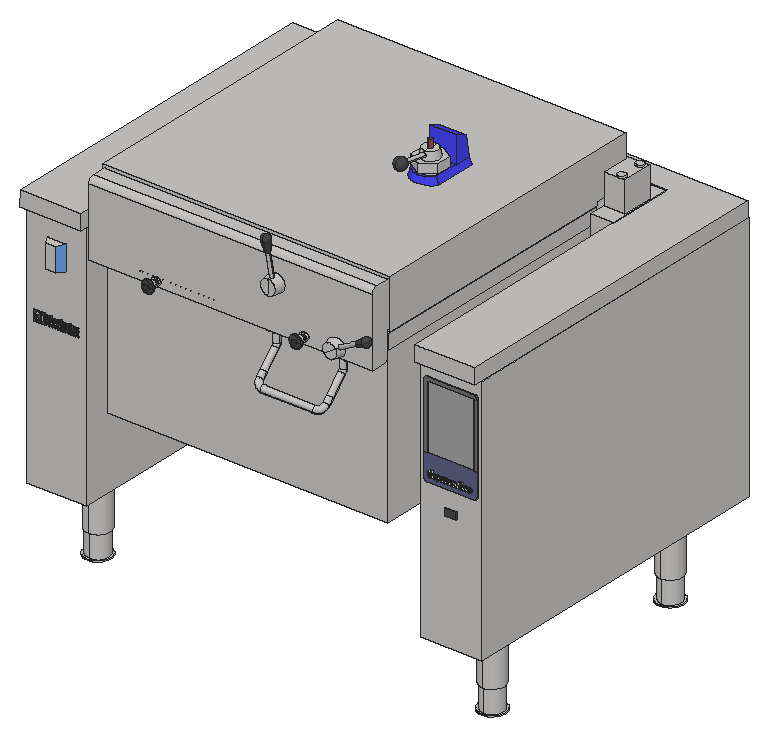
Revit family "QF_ELECTROLUXPROFESSIONAL_587140_PUET06ECIO", category Attrezzature speciali, Revit 2020
Family settings
  Quota connettore circolare = Usa diametro
  Tipo di parte = Normale
  Basato su piano di lavoro = No
  Sempre verticale = Sì
  Taglio con vuoti quando caricato = No
  Condiviso = No
  Punto di calcolo locali = No
Parameters (values of type "Standard")
  Weight = 230.00 kg
  Watts = 15500 W
  Volts = 440 V
  URL Manufacturer = "https://www.electroluxprofessional.com/"
  URL = "https://www.electroluxprofessional.com/"
  Steam Supply Size = 0 mm
  Steam Supply Minimum Pressure = 0.0 Pa
  Steam Supply Maximum Pressure = 0.0 Pa
  Steam Consumption per Hour = 0
  Refrigeration Suction Line Size = 0.0 mm
  Refrigeration Liquid Line Size = 0.0 mm
  Refrigerant Compressor Remote = yes
  Prospetto di default = 0.0 mm
  Produttore = "Electrolux Professional"
  Phase = 3
  Modello = "PUET06ECIO"
  Length Actual = 1200.0 mm  # constant formula
  Item Number = "587140"
  Hot Water Size = 12.7 mm
  Height Actual = 700.0 mm  # constant formula
  HP = "20.8 HP"
  Gas Size = 0 mm
  Gas KW = 0
  Gas Input Pressure = 0 W
  Direct Waste Size = 0 mm
  Descrizione = "ELECTRIC TILTING PRESSURE BRAISING PAN, 60LT,440V,FS,MARINE"
  Depth Actual = 900.0 mm  # constant formula
  Cycle = 50 Hz
  Condensate Return Size = 0 mm
  Compressed Air Volume = 0.0 L/s
  Compressed Air Size = 0 mm
  Compressed Air Pressure = 0.0 Pa
  Cold Water Size = 12.7 mm
  Accessory = yes
Reference planes
  plane 1 "Center (Front/Back)": y = 0
  plane 2: z = 0
  plane 3 "Center (Left/Right)": x = 0
  plane 4 "LEFT": x = -600
  plane 5 "RIGHT": x = 600
  plane 6 "BACK": y = 450
  plane 7 "FRONT": y = -450
  plane 8 "Base": z = 200
  plane 9 "TOP": z = 900
  plane 10: x = -440
  plane 11: x = 440
  plane 12 "Axe_PentolaY": y = -230
  plane 13 "AxePentolaZ": z = 730
  plane 14 "PLANE_TOP": z = 860
  plane 15: y = 380
  plane 16: z = 863
  plane 17: z = 455
  plane 18: z = 299
  plane 19: y = -470
  plane 20 "CentroPentolaY": y = -158
  plane 21 "TopCoperchio": z = 1128
  plane 22 "Versamento": z = 910
  plane 23 "V1": through (-107.18, -558, 4000) normal (-0.7071, -0.7071, 0)
  plane 24 "V2": through (107.18, -558, 4000) normal (-0.7071, 0.7071, 0)
  plane 25 "Gfront": y = -1300
  plane 26 "LEVEL": through (-245.562, -289.383, 4000) normal (0.866, 0.5, 0)
  plane 27 "GRight": x = 250
  plane 28 "GLeft": x = -250
  plane 29 "Gback": y = -100
  plane 30: z = 1789
  plane 31 "Ribaltamento": y = -540
  plane 32 "AxeL": x = -520
  plane 33 "AxeR": x = 520
  plane 34 "Pentola_Back": y = 226
  plane 35 "Pentola_L": x = -370.5
  plane 36 "Pentola_R": x = 370.5
  plane 37: x = -310.5
  plane 38 "axeC1": x = -380
  plane 39 "axeC2": x = 380
  plane 40: z = 395
  plane 41 "CylTop": x = 175
  plane 42 "Maniglione": z = 840
  plane 43 "B1": x = -195
  plane 44 "B2": x = 195
  plane 45 "2Buttons": z = 851.594
Forms (mm)
  Revolve 1, solid, material "QF_Finishes_Stainless Steel"
    sketch origin (0, 0, 730) x (-1, 0, 0) y (0, -1, 0)
      loop
        line (440, 230) -> (-440, 230) -> (-440, 140) -> (-430, 140) -> (-430, 173) -> (430, 173) -> (430, 140) -> (440, 140) -> (440, 230)
      axis (440, 230) -> (-440, 230)
    angle from 0 to 360
  Extrusion 2, solid, material "QF_Finishes_Stainless Steel"
    sketch origin (0, 0, 860) x (-1, 0, 0) y (0, -1, 0)
      loop
        line (600, 450) -> (440, 450) -> (440, -380) -> (-440, -380) -> (-440, 450) -> (-600, 450) -> (-600, -450) -> (600, -450) -> (600, 450)
    from 0 to 40
  Extrusion 3, solid, material "QF_Finishes_Stainless Steel"
    sketch origin (0, 0, 860) x (-1, 0, 0) y (0, -1, 0)
      loop
        line (440, -380) -> (-440, -380) -> (-440, -450) -> (440, -450) -> (440, -380)
    from 0 to -360
  Extrusion 4, solid, material "QF_Finishes_Stainless Steel"
    sketch origin (0, 0, 0) x (0, 1, 0) y (0, 0, 1)
      loop
        line (226, 863) -> (-450, 863) -> (-450, 455) -> (138, 455) -> (226, 643.717) -> (226, 863)
    from -370.5 to 370.5
  Extrusion 5, solid, material "QF_Finishes_Stainless Steel"
    sketch origin (0, 0, 0) x (0, 1, 0) y (0, 0, 1)
      loop
        line (232, 863) -> (232, 900) -> (-450, 900) -> (-450, 863) -> (232, 863)
    from -371 to 371
  Extrusion 6, solid, material "QF_Finishes_Stainless Steel"
    sketch origin (0, 0, 0) x (0, 1, 0) y (0, 0, 1)
      loop
        line (322, 1040) -> (-454, 1040) -> (-454, 910) -> (226, 910) -> (226, 920) -> (322, 920) -> (322, 1040)
    from -379 to 379
  Extrusion 7, solid, material "QF_Finishes_Stainless Steel"
    sketch origin (0, 0, 0) x (0, 1, 0) y (0, 0, 1)
      loop
        line (-454, 1033) -> (-491.635, 1033)
        arc (-491.635, 1033) -> (-502.242, 1028.607) -> (-506.635, 1018) r 15
        line (-506.635, 1018) -> (-506.635, 840) -> (-469, 840)
        arc (-469, 840) -> (-461.929, 842.929) -> (-459, 850) r 10
        line (-459, 850) -> (-459, 915) -> (-454, 915) -> (-454, 1033)
    from -374 to 374
  Extrusion 8, solid, material "QF_Finishes_Stainless Steel"
    sketch origin (0, 0, 0) x (0, 1, 0) y (0, 0, 1)
      loop
        line (380, 900) -> (205, 900) -> (205, 500) -> (380, 500) -> (380, 900)
    from -440 to -380
  Extrusion 9, solid, material "QF_Finishes_Stainless Steel"
    sketch origin (0, -450, 0) x (-1, 0, 0) y (0, 0, 1)
      loop
        line (437.337, 980) -> (379, 980) -> (379, 925) -> (382.237, 925) -> (382.237, 900) -> (437.337, 900) -> (437.337, 980)
    from 700 to 780
  Extrusion 10, solid, material "QF_Finishes_Stainless Steel"
    sketch origin (0, 0, 0) x (0, 1, 0) y (0, 0, -1)
      loop
        line (380, -900) -> (380, -500) -> (205, -500) -> (205, -900) -> (380, -900)
    from -440 to -380
  Extrusion 11, solid, material "QF_Finishes_Stainless Steel"
    sketch origin (0, -450, 0) x (1, 0, 0) y (0, 0, -1)
      loop
        line (435, -980) -> (435, -900) -> (382.237, -900) -> (382.237, -925) -> (379, -925) -> (379, -980) -> (435, -980)
    from 700 to 780
  Extrusion 12, solid, material "QF_Door-Drawer Clearances", detail levels coarse
    sketch origin (0, 53.912, -5.039) x (0, 1, 0) y (0, 0, 1)
      loop
        line (285.597, 942.365) -> (326.088, 958.724) -> (61.023, 1686.986) -> (56.324, 1685.276) -> (39.223, 1732.26) -> (-10.336, 1714.222) -> (-16.625, 1723.204) -> (44.811, 1766.222) -> (47.679, 1762.126) -> (68.307, 1773.56) -> (53.967, 1794.039) -> (36.168, 1778.566) -> (39.036, 1774.47) -> (-22.401, 1731.452) -> (-26.038, 1736.646) -> (-53.912, 1726.501) -> (-53.912, 1698.362) -> (-144.017, 1665.566)
        arc (-144.017, 1665.566) -> (-428.228, 1400.497) -> (-556.518, 1033.645) r 811.154
        arc (-556.518, 1033.645) -> (-551.652, 1036.897) -> (-545.912, 1038.039) r 15
        line (-545.912, 1038.039) -> (-507.912, 1038.039) -> (-507.912, 1045.039) -> (268.088, 1045.039) -> (268.088, 987.365) -> (285.597, 987.365) -> (285.597, 942.365)
      loop
        line (-503.912, 515.039) -> (-503.912, 845.039) -> (-576.071, 845.039)
        arc (-576.071, 845.039) -> (-586.466, 669.876) -> (-503.912, 515.039) r 323.607
    from 105 to -105
  Extrusion 13, solid, material "QF_Finishes_Stainless Steel"
    sketch origin (0, 0, 900) x (0, 1, 0) y (-1, 0, 0)
      loop
        circle (320, 418.441) r 10
      loop
        circle (260, 418.441) r 10
      loop
        circle (320, -418.441) r 10
      loop
        circle (260, -418.441) r 10
    from 82.326 to 80
  Revolve 14, solid, material "QF_Plastic-Black-Matte"
    sketch origin (0, 0, 851.594) x (-1, 0, 0) y (0, -1, 0)
      loop
        line (203.234, 529.683) -> (210.348, 533.79)
        arc (210.348, 533.79) -> (211.528, 535.834) -> (210.348, 537.878) r 2.36
        line (210.348, 537.878) -> (203.234, 540) -> (195, 540) -> (195, 529.683) -> (203.234, 529.683)
      axis (195, 529.683) -> (195, 540)
    angle from 0 to 360
  Revolve 15, solid, material "QF_Finishes_Stainless Steel"
    sketch origin (0, 0, 851.594) x (-1, 0, 0) y (0, -1, 0)
      loop
        line (195, 506.635) -> (205.299, 506.635) -> (205.299, 511.677) -> (200.299, 511.677) -> (200.299, 519.683) -> (203.234, 519.683) -> (203.234, 529.683) -> (195, 529.683) -> (195, 506.635)
      axis (195, 506.635) -> (195, 529.683)
    angle from 0 to 360
  Revolve 16, solid, material "QF_Plastic-Black-Matte"
    sketch origin (390, 0, 858.402) x (-1, 0, 0) y (0, -1, 0)
      loop
        line (203.234, 529.683) -> (210.348, 533.79)
        arc (210.348, 533.79) -> (211.528, 535.834) -> (210.348, 537.878) r 2.36
        line (210.348, 537.878) -> (203.234, 540) -> (195, 540) -> (195, 529.683) -> (203.234, 529.683)
      axis (195, 529.683) -> (195, 540)
    angle from 0 to 360
  Revolve 17, solid, material "QF_Finishes_Stainless Steel"
    sketch origin (390, 0, 858.402) x (-1, 0, 0) y (0, -1, 0)
      loop
        line (195, 506.635) -> (205.299, 506.635) -> (205.299, 511.677) -> (200.299, 511.677) -> (200.299, 519.683) -> (203.234, 519.683) -> (203.234, 529.683) -> (195, 529.683) -> (195, 506.635)
      axis (195, 506.635) -> (195, 529.683)
    angle from 0 to 360
Lines and regions (mm)
  symbolic lines
    curve 1: line (600, 450, 900) -> (-600, 450, 900)
    curve 2: line (600, -450, 900) -> (600, 450, 900)
    curve 3: line (-600, 450, 900) -> (-600, -450, 900)
    curve 4: line (-600, -450, 900) -> (-440, -450, 900)
    curve 5: line (-440, -450, 900) -> (-440, 380, 900)
    curve 6: line (440, -450, 900) -> (600, -450, 900)
    curve 7: line (430, -140, 900) -> (430, -320, 900)
    curve 8: line (-430, -140, 900) -> (-430, -320, 900)
    curve 9: line (-430, -140, 900) -> (-440, -140, 900)
    curve 10: line (-430, -320, 900) -> (-440, -320, 900)
    curve 11: line (430, -140, 900) -> (440, -140, 900)
    curve 12: line (430, -320, 900) -> (440, -320, 900)
    curve 17: line (-430, -172.761, 900) -> (-375.169, -172.761, 900)
    curve 18: line (-430, -286.868, 900) -> (-376.5, -286.868, 900)
    curve 19: line (430, -172.761, 900) -> (376.5, -172.761, 900)
    curve 20: line (430, -286.868, 900) -> (376.5, -286.868, 900)
    curve 39: line (600, 380, 900) -> (-600, 380, 900)
    curve 40: line (440, 270, 900) -> (440, -450, 900)
    curve 41: line (-379, -454, 900) -> (379, -454, 900)
    curve 42: line (-379, 322, 900) -> (-379, -454, 900)
    curve 43: line (379, 322, 900) -> (-379, 322, 900)
    curve 44: line (379, -454, 900) -> (379, 322, 900)
    curve 45: line (-379, 322, 900) -> (-379, 330, 900)
    curve 46: line (-379, 330, 900) -> (-437.337, 330, 900)
    curve 47: line (-437.337, 330, 900) -> (-437.337, 250, 900)
    curve 48: line (-437.337, 250, 900) -> (-379, 250, 900)
    curve 49: line (-440, 205, 900) -> (-379, 205, 900)
    curve 50: circle (-418.441, 320, 900) r 10 normal (0, 0, 1)
    curve 51: circle (-418.441, 260, 900) r 10 normal (0, 0, 1)
    curve 52: line (379, 322, 900) -> (379, 330, 900)
    curve 53: line (379, 330, 900) -> (435, 330, 900)
    curve 54: line (435, 330, 900) -> (435, 250, 900)
    curve 55: line (435, 250, 900) -> (379, 250, 900)
    curve 56: line (440, 205, 900) -> (379, 205, 900)
    curve 57: circle (418.441, 320, 900) r 10 normal (0, 0, 1)
    curve 58: circle (418.441, 260, 900) r 10 normal (0, 0, 1)
    curve 59: line (-205.299, -506.635, 900) -> (-205.299, -511.677, 900)
    curve 60: line (-205.299, -511.677, 900) -> (-184.701, -511.677, 900)
    curve 61: line (-184.701, -511.677, 900) -> (-184.701, -506.635, 900)
    curve 62: line (-200.299, -519.683, 900) -> (-200.299, -511.677, 900)
    curve 63: line (-189.701, -519.683, 900) -> (-189.701, -511.677, 900)
    curve 64: line (-203.234, -519.683, 900) -> (-186.766, -519.683, 900)
    curve 65: line (-186.766, -519.683, 900) -> (-186.766, -529.683, 900)
    curve 66: line (-186.766, -529.683, 900) -> (-203.234, -529.683, 900)
    curve 67: line (-203.234, -529.683, 900) -> (-203.234, -519.683, 900)
    curve 68: line (-186.766, -529.683, 900) -> (-179.646, -533.794, 900)
    curve 69: line (-203.234, -540, 900) -> (-186.766, -540, 900)
    curve 70: line (-186.766, -540, 900) -> (-179.652, -537.878, 900)
    curve 71: line (-203.234, -540, 900) -> (-210.348, -537.878, 900)
    curve 72: arc (-179.652, -537.878, 900) -> (-178.468, -535.838, 900) -> (-179.646, -533.794, 900) r 2.356
    curve 73: line (-203.234, -529.683, 900) -> (-210.354, -533.794, 900)
    curve 74: arc (-210.348, -537.878, 900) -> (-211.532, -535.838, 900) -> (-210.354, -533.794, 900) r 2.356
    curve 75: line (184.701, -506.635, 900) -> (184.701, -511.677, 900)
    curve 76: line (184.701, -511.677, 900) -> (205.299, -511.677, 900)
    curve 77: line (205.299, -511.677, 900) -> (205.299, -506.635, 900)
    curve 78: line (189.701, -519.683, 900) -> (189.701, -511.677, 900)
    curve 79: line (200.299, -519.683, 900) -> (200.299, -511.677, 900)
    curve 80: line (186.766, -519.683, 900) -> (203.234, -519.683, 900)
    curve 81: line (203.234, -519.683, 900) -> (203.234, -529.683, 900)
    curve 82: line (203.234, -529.683, 900) -> (186.766, -529.683, 900)
    curve 83: line (186.766, -529.683, 900) -> (186.766, -519.683, 900)
    curve 84: line (203.234, -529.683, 900) -> (210.354, -533.794, 900)
    curve 85: line (186.766, -540, 900) -> (203.234, -540, 900)
    curve 86: line (203.234, -540, 900) -> (210.348, -537.878, 900)
    curve 87: line (186.766, -540, 900) -> (179.652, -537.878, 900)
    curve 88: arc (210.348, -537.878, 900) -> (211.532, -535.838, 900) -> (210.354, -533.794, 900) r 2.356
    curve 89: line (186.766, -529.683, 900) -> (179.646, -533.794, 900)
    curve 90: arc (179.652, -537.878, 900) -> (178.468, -535.838, 900) -> (179.646, -533.794, 900) r 2.356
    curve 92: line (-379, -454, 900) -> (-379, -506.635, 900)
    curve 93: line (-379, -506.635, 900) -> (374, -506.635, 900)
    curve 94: line (374, -506.635, 900) -> (374, -454, 900)
  symbolic lines, style "SpecialityEquipmentHiddenLines"
    curve 13: line (-250, -1300, 900) -> (250, -1300, 900)
    curve 14: line (-250, -100, 900) -> (-250, -1300, 900)
    curve 15: line (250, -1300, 900) -> (250, -100, 900)
    curve 37: line (0, -1165.484, 900) -> (0, -1135.484, 900)
    curve 38: line (-15, -1150.484, 900) -> (15, -1150.484, 900)
    curve 91: line (-250, -100, 900) -> (250, -100, 900)
  symbolic lines, style "SpecialityEquipment"
    curve 16: circle (0, -1150.484, 900) r 15 normal (0, 0, 1)
    curve 21: line (210, -1300, 900) -> (210, -1100, 900)
    curve 22: line (170, -1300, 900) -> (170, -1140, 900)
    curve 23: line (130, -1300, 900) -> (130, -1180, 900)
    curve 24: line (90, -1300, 900) -> (90, -1220, 900)
    curve 25: line (90, -1260, 900) -> (250, -1260, 900)
    curve 26: line (130, -1220, 900) -> (250, -1220, 900)
    curve 27: line (170, -1180, 900) -> (250, -1180, 900)
    curve 28: line (210, -1140, 900) -> (250, -1140, 900)
    curve 29: line (-210, -1300, 900) -> (-210, -1100, 900)
    curve 30: line (-170, -1300, 900) -> (-170, -1140, 900)
    curve 31: line (-130, -1300, 900) -> (-130, -1180, 900)
    curve 32: line (-90, -1300, 900) -> (-90, -1220, 900)
    curve 33: line (-90, -1260, 900) -> (-250, -1260, 900)
    curve 34: line (-130, -1220, 900) -> (-250, -1220, 900)
    curve 35: line (-170, -1180, 900) -> (-250, -1180, 900)
    curve 36: line (-210, -1140, 900) -> (-250, -1140, 900)
Dimensions and locks
  plane 4 "LEFT" to plane 5 "RIGHT" = 1200.0 mm
  equal spacing: plane 4 "LEFT", plane 3 "Center (Left/Right)", plane 5 "RIGHT"
  equal spacing: plane 6 "BACK", plane 1 "Center (Front/Back)", plane 7 "FRONT"
  plane 6 "BACK" to plane 7 "FRONT" = 900.0 mm
  plane 8 "Base" to level = 200.0 mm
  plane 9 "TOP" to level = 900.0 mm
  plane 9 "TOP" to plane 8 "Base" = 700.0 mm
  locked: plane 4 "LEFT" to plane 10 at 160
  locked: plane 11 to plane 5 "RIGHT" at 160
  locked: plane 6 "BACK" to plane 12 "Axe_PentolaY" at 680
  locked: plane 13 "AxePentolaZ" to plane 8 "Base" at 530
  locked: Revolve 1 sketch curve to Revolve 1 sketch curve at 57
  locked: Revolve 1 sketch curve to Revolve 1 sketch curve at 90
  locked: plane 10 to Revolve 1 sketch curve at 10
  locked: Revolve 1 sketch curve to plane 11 at 10
  locked: plane 9 "TOP" to plane 14 "PLANE_TOP" at 40
  plane 6 "BACK" to plane 15 = 70.0 mm
  locked: plane 16 to plane 13 "AxePentolaZ" at 133
  plane 6 "BACK" to plane 19 = 920.0 mm
  locked: plane 6 "BACK" to plane 20 "CentroPentolaY" at 608
  locked: plane 21 "TopCoperchio" to plane 9 "TOP" at 228
  locked: plane 22 "Versamento" to level at 910
  plane 6 "BACK" to plane 25 "Gfront" = 1750.0 mm
  locked: plane 28 "GLeft" to plane 3 "Center (Left/Right)" at 250
  locked: plane 3 "Center (Left/Right)" to plane 27 "GRight" at 250
  plane 6 "BACK" to plane 29 "Gback" = 550.0 mm
  plane 30 to plane 9 "TOP" = 889.0 mm
  plane 6 "BACK" to plane 31 "Ribaltamento" = 990.0 mm
  equal spacing: plane 10, plane 32 "AxeL", plane 4 "LEFT"
  equal spacing: plane 5 "RIGHT", plane 33 "AxeR", plane 11
  locked: plane 36 "Pentola_R" to plane 35 "Pentola_L" at 741
  equal spacing: plane 36 "Pentola_R", plane 3 "Center (Left/Right)", plane 35 "Pentola_L"
  locked: Extrusion 5 sketch curve to plane 34 "Pentola_Back" at 6
  plane 34 "Pentola_Back" to plane 12 "Axe_PentolaY" = 456.0 mm
  locked: plane 37 to plane 35 "Pentola_L" at 60
  plane 4 "LEFT" to plane 38 "axeC1" = 220.0 mm
  plane 39 "axeC2" to plane 5 "RIGHT" = 220.0 mm
  plane 35 "Pentola_L" to Extrusion 6 = 8.5 mm
  Extrusion 6 to plane 36 "Pentola_R" = 8.5 mm
  locked: plane 13 "AxePentolaZ" to plane 17 at 275
  plane 18 to level = 299.0 mm
  plane 17 to level = 455.0 mm
  plane 40 to level = 395.0 mm
  plane 3 "Center (Left/Right)" to plane 43 "B1" = 195.0 mm
  plane 44 "B2" to plane 3 "Center (Left/Right)" = 195.0 mm
  aligned and locked: level to plane 2
  aligned and locked: plane 5 "RIGHT" to nested 2
  aligned and locked: plane 4 "LEFT" to nested 1
  aligned and locked: plane 8 "Base" to nested 1
  aligned and locked: plane 6 "BACK" to nested 2
  aligned and locked: plane 10 to Revolve 1 sketch curve
  aligned and locked: plane 11 to Revolve 1 sketch curve
  aligned and locked: plane 4 "LEFT" to Extrusion 2 sketch curve
  aligned and locked: Extrusion 2 sketch curve to plane 10
  aligned and locked: plane 7 "FRONT" to Extrusion 2 sketch curve  (x2)
  aligned and locked: Extrusion 2 sketch curve to plane 5 "RIGHT"
  aligned and locked: plane 11 to Extrusion 2 sketch curve
  aligned and locked: Extrusion 2 sketch curve to plane 6 "BACK"
  aligned and locked: plane 15 to Extrusion 2 sketch curve
  aligned and locked: Extrusion 3 sketch curve to plane 10
  aligned and locked: plane 6 "BACK" to Extrusion 3 sketch curve
  aligned and locked: plane 11 to Extrusion 3 sketch curve
  aligned and locked: Extrusion 3 sketch curve to plane 15
  aligned and locked: curve 13 to plane 25 "Gfront"
  aligned and locked: curve 14 to plane 28 "GLeft"
  aligned and locked: plane 27 "GRight" to curve 15
  aligned and locked: plane 33 "AxeR" to nested 3
  aligned and locked: plane 17 to Extrusion 4 sketch curve
  aligned and locked: Extrusion 5 sketch curve to plane 16
  aligned and locked: plane 9 "TOP" to Extrusion 5 sketch curve
  aligned and locked: Extrusion 4 to plane 35 "Pentola_L"
  aligned and locked: plane 36 "Pentola_R" to Extrusion 4
  aligned and locked: plane 32 "AxeL" to nested 5
Automatic sketch dimensions
  plane 12 "Axe_PentolaY" to Revolve 1 sketch curve = 0.0 mm
  Revolve 1 sketch curve to plane 12 "Axe_PentolaY" = 0.0 mm
  plane 20 "CentroPentolaY" to Revolve 1 sketch curve = 18.0 mm
  plane 5 "RIGHT" to Revolve 1 sketch curve = 432.098 mm
  Revolve 1 sketch curve to plane 4 "LEFT" = 580.148 mm
  Extrusion 4 sketch curve to plane 7 "FRONT" = 0.0 mm
  Extrusion 4 sketch curve to plane 34 "Pentola_Back" = 0.0 mm
  Extrusion 4 sketch curve to plane 16 = 0.0 mm
  Extrusion 4 sketch curve to plane 34 "Pentola_Back" = 88.0 mm
  Extrusion 4 sketch curve to plane 13 "AxePentolaZ" = 86.283 mm
  Extrusion 5 sketch curve to plane 7 "FRONT" = 0.0 mm
  Extrusion 6 sketch curve to plane 22 "Versamento" = 0.0 mm
  Extrusion 6 sketch curve to plane 34 "Pentola_Back" = 0.0 mm
  Extrusion 6 sketch curve to plane 7 "FRONT" = 4.0 mm
  Extrusion 6 sketch curve to plane 15 = 58.0 mm
  plane 22 "Versamento" to Extrusion 6 sketch curve = 10.0 mm
  Extrusion 6 sketch curve to plane 21 "TopCoperchio" = 88.0 mm
  Extrusion 7 sketch curve to plane 42 "Maniglione" = 0.0 mm
  plane 31 "Ribaltamento" to Extrusion 7 sketch curve = 33.365 mm
  Extrusion 7 sketch curve to Extrusion 7 sketch curve = 15.0 mm
  plane 19 to Extrusion 7 sketch curve = 1.0 mm
  Extrusion 7 sketch curve to plane 7 "FRONT" = 9.0 mm
  Extrusion 7 sketch curve to plane 7 "FRONT" = 4.0 mm
  plane 22 "Versamento" to Extrusion 7 sketch curve = 5.0 mm
  plane 22 "Versamento" to Extrusion 7 sketch curve = 108.0 mm
  Extrusion 8 sketch curve to plane 9 "TOP" = 0.0 mm
  Extrusion 8 sketch curve to plane 15 = 0.0 mm
  Extrusion 8 sketch curve to plane 34 "Pentola_Back" = 21.0 mm
  plane 17 to Extrusion 8 sketch curve = 45.0 mm
  Extrusion 9 sketch curve to plane 9 "TOP" = 0.0 mm
  plane 38 "axeC1" to Extrusion 9 sketch curve = 1.0 mm
  Extrusion 9 sketch curve to plane 38 "axeC1" = 2.237 mm
  plane 10 to Extrusion 9 sketch curve = 2.663 mm
  plane 22 "Versamento" to Extrusion 9 sketch curve = 15.0 mm
  plane 22 "Versamento" to Extrusion 9 sketch curve = 70.0 mm
  Extrusion 10 sketch curve to plane 9 "TOP" = 0.0 mm
  Extrusion 10 sketch curve to plane 15 = 0.0 mm
  Extrusion 10 sketch curve to plane 34 "Pentola_Back" = 21.0 mm
  plane 17 to Extrusion 10 sketch curve = 45.0 mm
  Extrusion 11 sketch curve to plane 9 "TOP" = 0.0 mm
  plane 39 "axeC2" to Extrusion 11 sketch curve = 1.0 mm
  Extrusion 11 sketch curve to plane 39 "axeC2" = 2.237 mm
  plane 11 to Extrusion 11 sketch curve = 5.0 mm
  Extrusion 11 sketch curve to plane 22 "Versamento" = 15.0 mm
  Extrusion 11 sketch curve to plane 22 "Versamento" = 70.0 mm
  plane 34 "Pentola_Back" to Extrusion 13 sketch curve = 34.0 mm  (x2)
  Extrusion 13 sketch curve to plane 11 = 21.559 mm  (x2)
  Extrusion 13 sketch curve to plane 15 = 60.0 mm  (x2)
  plane 10 to Extrusion 13 sketch curve = 21.559 mm  (x2)
  Revolve 14 sketch curve to plane 43 "B1" = 0.0 mm  (x2)
  Revolve 14 sketch curve to plane 31 "Ribaltamento" = 0.0 mm
  plane 43 "B1" to Revolve 14 sketch curve = 8.234 mm  (x2)
  Revolve 14 sketch curve to Revolve 14 sketch curve = 5.934 mm
  plane 31 "Ribaltamento" to Revolve 14 sketch curve = 2.122 mm
  Revolve 14 sketch curve to Revolve 14 sketch curve = 1.18 mm  (x2)
  plane 31 "Ribaltamento" to Revolve 14 sketch curve = 6.21 mm
  Revolve 14 sketch curve to Revolve 14 sketch curve = 10.317 mm
  plane 19 to Revolve 14 sketch curve = 8.375 mm
  Revolve 14 sketch curve to plane 31 "Ribaltamento" = 31.625 mm
  Revolve 15 sketch curve to plane 43 "B1" = 0.0 mm  (x2)
  plane 43 "B1" to Revolve 15 sketch curve = 5.299 mm
  Revolve 15 sketch curve to Revolve 15 sketch curve = 2.935 mm
  Revolve 15 sketch curve to Revolve 15 sketch curve = 5.0 mm
  plane 31 "Ribaltamento" to Revolve 15 sketch curve = 33.365 mm
  Revolve 15 sketch curve to Revolve 15 sketch curve = 5.042 mm
  Revolve 15 sketch curve to Revolve 15 sketch curve = 8.006 mm
  Revolve 15 sketch curve to Revolve 15 sketch curve = 10.0 mm
  Revolve 15 sketch curve to Revolve 15 sketch curve = 12.948 mm
  Revolve 15 sketch curve to plane 31 "Ribaltamento" = 16.844 mm
  Revolve 16 sketch curve to plane 44 "B2" = 0.0 mm  (x2)
  Revolve 16 sketch curve to plane 31 "Ribaltamento" = 0.0 mm
  Revolve 16 sketch curve to plane 44 "B2" = 8.234 mm  (x2)
  plane 41 "CylTop" to Revolve 16 sketch curve = 5.833 mm
  plane 31 "Ribaltamento" to Revolve 16 sketch curve = 2.122 mm
  Revolve 16 sketch curve to Revolve 16 sketch curve = 1.18 mm  (x2)
  Revolve 16 sketch curve to Revolve 16 sketch curve = 2.044 mm
  Revolve 16 sketch curve to Revolve 16 sketch curve = 10.317 mm
  plane 19 to Revolve 16 sketch curve = 8.375 mm
  Revolve 16 sketch curve to plane 31 "Ribaltamento" = 31.625 mm
  Revolve 17 sketch curve to plane 44 "B2" = 0.0 mm  (x2)
  Revolve 17 sketch curve to plane 44 "B2" = 5.299 mm
  Revolve 17 sketch curve to Revolve 17 sketch curve = 2.935 mm
  Revolve 17 sketch curve to Revolve 17 sketch curve = 5.0 mm
  plane 31 "Ribaltamento" to Revolve 17 sketch curve = 33.365 mm
  Revolve 17 sketch curve to Revolve 17 sketch curve = 5.042 mm
  Revolve 17 sketch curve to Revolve 17 sketch curve = 8.006 mm
  Revolve 17 sketch curve to Revolve 17 sketch curve = 10.0 mm
  Revolve 17 sketch curve to Revolve 17 sketch curve = 12.948 mm
  Revolve 17 sketch curve to plane 31 "Ribaltamento" = 16.844 mm
  Extrusion 12 sketch curve to plane 42 "Maniglione" = 0.0 mm
  Extrusion 12 sketch curve to plane 7 "FRONT" = 0.0 mm
  Extrusion 12 sketch curve to plane 1 "Center (Front/Back)" = 0.0 mm
  Extrusion 12 sketch curve to plane 30 = 0.0 mm
  Extrusion 12 sketch curve to plane 15 = 0.0 mm
  Extrusion 12 sketch curve to plane 7 "FRONT" = 4.0 mm
  Extrusion 12 sketch curve to plane 19 = 22.0 mm
  plane 31 "Ribaltamento" to Extrusion 12 sketch curve = 17.841 mm
  plane 13 "AxePentolaZ" to Extrusion 12 sketch curve = 3.966 mm
  plane 12 "Axe_PentolaY" to Extrusion 12 sketch curve = 13.583 mm
  plane 29 "Gback" to Extrusion 12 sketch curve = 9.895 mm
  Extrusion 12 sketch curve to plane 1 "Center (Front/Back)" = 27.874 mm
  Extrusion 12 sketch curve to plane 30 = 15.473 mm
  Extrusion 12 sketch curve to Extrusion 12 sketch curve = 62.206 mm
  Extrusion 12 sketch curve to Extrusion 12 sketch curve = 2.868 mm  (x2)
  Extrusion 12 sketch curve to plane 30 = 61.778 mm
  Extrusion 12 sketch curve to Extrusion 12 sketch curve = 0.188 mm
  Extrusion 12 sketch curve to Extrusion 12 sketch curve = 8.644 mm
  Extrusion 12 sketch curve to Extrusion 12 sketch curve = 17.799 mm
  Extrusion 12 sketch curve to plane 30 = 108.763 mm
  Extrusion 12 sketch curve to Extrusion 12 sketch curve = 17.101 mm
  Extrusion 12 sketch curve to Extrusion 12 sketch curve = 4.698 mm
  Extrusion 12 sketch curve to plane 30 = 20.479 mm
  Extrusion 12 sketch curve to Extrusion 12 sketch curve = 20.627 mm
  Extrusion 12 sketch curve to plane 15 = 75.072 mm
  Extrusion 12 sketch curve to Extrusion 12 sketch curve = 17.072 mm
  Extrusion 12 sketch curve to Extrusion 12 sketch curve = 17.509 mm
  plane 22 "Versamento" to Extrusion 12 sketch curve = 27.326 mm
  Extrusion 12 sketch curve to Extrusion 12 sketch curve = 14.739 mm
  Extrusion 12 sketch curve to Extrusion 12 sketch curve = 30.261 mm
  plane 22 "Versamento" to Extrusion 12 sketch curve = 108.0 mm
  Extrusion 12 sketch curve to Extrusion 12 sketch curve = 15.0 mm
  Extrusion 12 sketch curve to Extrusion 12 sketch curve = 7.0 mm
  Extrusion 12 sketch curve to Extrusion 12 sketch curve = 28.139 mm
  Extrusion 12 sketch curve to Extrusion 12 sketch curve = 10.145 mm
  Extrusion 12 sketch curve to Extrusion 12 sketch curve = 5.776 mm
  Extrusion 12 sketch curve to Extrusion 12 sketch curve = 8.248 mm
  Extrusion 12 sketch curve to Extrusion 12 sketch curve = 3.637 mm
  Extrusion 12 sketch curve to Extrusion 12 sketch curve = 12.344 mm
  level to Extrusion 12 sketch curve = 1709.183 mm
  Extrusion 12 sketch curve to Extrusion 12 sketch curve = 32.796 mm
  curve 37 to plane 3 "Center (Left/Right)" = 0.0 mm
  curve 16 to plane 3 "Center (Left/Right)" = 0.0 mm
  curve 69 to plane 31 "Ribaltamento" = 0.0 mm
  curve 86 to plane 31 "Ribaltamento" = 0.0 mm
  curve 2 to plane 5 "RIGHT" = 0.0 mm
  curve 2 to plane 7 "FRONT" = 0.0 mm
  curve 3 to plane 4 "LEFT" = 0.0 mm
  curve 3 to plane 7 "FRONT" = 0.0 mm
  curve 10 to plane 10 = 0.0 mm
  curve 12 to plane 11 = 0.0 mm
  curve 15 to plane 29 "Gback" = 0.0 mm
  curve 39 to plane 15 = 0.0 mm
  curve 2 to plane 6 "BACK" = 0.0 mm
  plane 25 "Gfront" to curve 16 = 149.516 mm
  plane 31 "Ribaltamento" to curve 70 = 2.122 mm
  plane 31 "Ribaltamento" to curve 86 = 2.122 mm
  plane 31 "Ribaltamento" to curve 71 = 2.122 mm
  plane 31 "Ribaltamento" to curve 87 = 2.122 mm
  curve 86 to curve 88 = 2.044 mm
  curve 71 to curve 74 = 2.044 mm
  curve 70 to curve 72 = 2.044 mm
  curve 90 to curve 90 = 2.044 mm
  plane 41 "CylTop" to curve 89 = 4.646 mm
  curve 90 to curve 89 = 2.04 mm
  curve 88 to curve 84 = 2.04 mm
  curve 74 to curve 73 = 2.04 mm
  curve 72 to curve 68 = 2.04 mm
  curve 68 to curve 65 = 4.111 mm
  curve 84 to curve 81 = 4.111 mm
  curve 82 to curve 80 = 10.0 mm
  curve 66 to curve 67 = 10.0 mm
  curve 64 to curve 59 = 8.006 mm
  curve 80 to curve 77 = 8.006 mm
  plane 38 "axeC1" to curve 93 = 1.0 mm
  plane 31 "Ribaltamento" to curve 93 = 33.365 mm
  curve 7 to plane 11 = 10.0 mm
  curve 7 to plane 12 "Axe_PentolaY" = 90.0 mm
  plane 10 to curve 8 = 10.0 mm
  curve 8 to plane 12 "Axe_PentolaY" = 90.0 mm
  plane 20 "CentroPentolaY" to curve 8 = 18.0 mm
  plane 20 "CentroPentolaY" to curve 11 = 18.0 mm
  curve 54 to plane 11 = 5.0 mm
  plane 34 "Pentola_Back" to curve 54 = 24.0 mm
  plane 10 to curve 48 = 2.663 mm
  plane 34 "Pentola_Back" to curve 48 = 24.0 mm
  curve 47 to curve 51 = 10.0 mm
  curve 54 to curve 58 = 10.0 mm
  curve 57 to plane 11 = 21.559 mm
  curve 57 to plane 15 = 60.0 mm
  plane 10 to curve 50 = 21.559 mm
  curve 50 to plane 15 = 60.0 mm
  curve 52 to plane 39 "axeC2" = 1.0 mm
  curve 57 to curve 52 = 2.0 mm
  curve 42 to curve 46 = 8.0 mm
  curve 43 to curve 52 = 8.0 mm
  curve 54 to curve 58 = 16.559 mm
  plane 44 "B2" to curve 84 = 15.354 mm
  curve 84 to curve 86 = 0.007 mm
  plane 44 "B2" to curve 76 = 10.299 mm
  curve 84 to curve 82 = 7.12 mm
  curve 88 to curve 85 = 5.943 mm
  curve 87 to plane 44 "B2" = 8.234 mm
  curve 89 to curve 89 = 7.12 mm
  curve 80 to curve 76 = 2.065 mm
  curve 90 to curve 89 = 1.178 mm
  curve 68 to plane 43 "B1" = 15.354 mm
  curve 68 to curve 70 = 0.007 mm
  curve 60 to plane 43 "B1" = 10.299 mm
  curve 72 to curve 69 = 5.943 mm
  curve 68 to curve 66 = 7.12 mm
  plane 43 "B1" to curve 64 = 8.234 mm
  plane 43 "B1" to curve 69 = 8.234 mm
  curve 64 to curve 60 = 2.065 mm
  curve 69 to curve 74 = 5.943 mm
  curve 74 to curve 71 = 1.171 mm
  curve 51 to curve 47 = 18.896 mm
  curve 13 to curve 25 = 40.0 mm
  curve 13 to curve 33 = 40.0 mm
  curve 33 to curve 34 = 40.0 mm
  curve 25 to curve 24 = 40.0 mm
  curve 34 to curve 32 = 0.0 mm
  curve 24 to curve 26 = 0.0 mm
  curve 26 to curve 27 = 40.0 mm
  curve 34 to curve 35 = 40.0 mm
  curve 23 to curve 27 = 0.0 mm
  curve 35 to curve 31 = 0.0 mm
  curve 37 to curve 16 = 15.0 mm
  curve 16 to curve 38 = 0.0 mm
  plane 44 "B2" to curve 28 = 15.0 mm
  curve 27 to curve 28 = 40.0 mm
  curve 35 to curve 36 = 40.0 mm
  curve 36 to curve 30 = 0.0 mm
  curve 22 to plane 41 "CylTop" = 5.0 mm
  curve 27 to curve 22 = 40.0 mm
  plane 43 "B1" to curve 29 = 15.0 mm
  curve 36 to curve 29 = 40.0 mm
  curve 28 to curve 21 = 40.0 mm
  curve 94 to plane 7 "FRONT" = 4.0 mm
  curve 20 to plane 39 "axeC2" = 3.5 mm
  curve 20 to plane 12 "Axe_PentolaY" = 56.868 mm
  curve 8 to curve 18 = 33.132 mm
  curve 17 to plane 20 "CentroPentolaY" = 14.761 mm
  curve 19 to plane 39 "axeC2" = 3.5 mm
  curve 19 to plane 20 "CentroPentolaY" = 14.761 mm
  curve 56 to plane 34 "Pentola_Back" = 21.0 mm
  curve 49 to plane 34 "Pentola_Back" = 21.0 mm
  curve 54 to curve 40 = 20.0 mm
  plane 36 "Pentola_R" to curve 94 = 3.5 mm
  curve 76 to curve 79 = 5.0 mm
  curve 78 to curve 75 = 5.0 mm
  curve 27 to curve 23 = 40.0 mm
  curve 23 to curve 24 = 40.0 mm
  curve 33 to plane 3 "Center (Left/Right)" = 90.0 mm
  curve 32 to curve 31 = 40.0 mm
  curve 30 to plane 43 "B1" = 25.0 mm
  curve 60 to curve 63 = 5.0 mm
  curve 62 to curve 59 = 5.0 mm
  curve 17 to plane 35 "Pentola_L" = 4.669 mm
  plane 38 "axeC1" to curve 18 = 3.5 mm
  radius of Extrusion 13 sketch curve = 10.0 mm  (x4)
  radius of curve 50 = 10.0 mm
  radius of curve 51 = 10.0 mm
  radius of curve 57 = 10.0 mm
  radius of curve 58 = 10.0 mm
Nested families
  nested 1: "QF_ELECTROLUXPROFESSIONAL_PUETNB900_LEFT" at (-520, 0, 0), type "QF_ELECTROLUXPROFESSIONAL_PUETNB900_LEFT"
    with Body Finish QF_Finishes_Stainless Steel
  nested 2: "QF_ELECTROLUXPROFESSIONAL_PUETNB900_RIGHT" at (520, 0, 0), type "QF_ELECTROLUXPROFESSIONAL_PUETNB900_RIGHT"
    with Body Finish QF_Finishes_Stainless Steel
  nested 3: "QF_ELECTROLUXPROFESSIONAL_2FEET_THL_120xH200" at (520, 10, 0), type "QF_ELECTROLUXPROFESSIONAL_2FEET_THL_120xH200"
  nested 4: "QF_ELECTROLUXPROFESSIONAL_PUET900_LEVEL1" at (175, -67.07, 1040), type "QF_ELECTROLUXPROFESSIONAL_PUET900_LEVEL1"
  nested 5: "QF_ELECTROLUXPROFESSIONAL_2FEET_THL_120xH200" at (-520, 10, 0), type "QF_ELECTROLUXPROFESSIONAL_2FEET_THL_120xH200"
  nested 6: "QF_ELECTROLUXPROFESSIONAL_PUET900_LEVEL2" at (119.18, -506.635, 958), type "QF_ELECTROLUXPROFESSIONAL_PUET900_LEVEL2"
  nested 7: "QF_ELECTROLUXPROFESSIONAL_PUET900_LEVEL3" at (279.18, -503.416, 863), type "QF_ELECTROLUXPROFESSIONAL_PUET900_LEVEL3"
  nested 8: "QF_ELECTROLUXPROFESSIONAL_PUET900_LEVEL4" at (190, -482, 840), type "QF_ELECTROLUXPROFESSIONAL_PUET900_LEVEL4"
Connectors
  piping at (-550, 453, 395), diameter 12.7, driven by "Hot Water Size"
    settings: on nested 1, index 1, connector inside diameter 609.6 mm, connector length 0.0 mm, flow factor 0, pipe flow 0.0 L/s, pressure drop 0.0 Pa, fitting loss kfactor 0, connector angle 0.00°, fixture units 0, engagement length 0.0 mm, angle of deflection 0.00°, flow configuration 1, flow direction 1, fitting loss method 0, system type 19, joint type 0, gender type 0, connector reference index -1, connector utility 0, adjustable connector no, is connector primary yes, connector description "Hot Water Inlet"
  piping at (-490, 453, 395), diameter 12.7, driven by "Cold Water Size"
    settings: on nested 1, index 2, connector inside diameter 609.6 mm, connector length 0.0 mm, flow factor 0, pipe flow 0.0 L/s, pressure drop 0.0 Pa, fitting loss kfactor 0, connector angle 0.00°, fixture units 0, engagement length 0.0 mm, angle of deflection 0.00°, flow configuration 1, flow direction 1, fitting loss method 0, system type 20, joint type 0, gender type 0, connector reference index -1, connector utility 0, adjustable connector no, is connector primary no, connector description "Cold Water Inlet"
  electrical at (520, 450, 450), driven by "Volts"
    settings: on nested 2, index 3, voltage 440 V, apparent load 0 VA, apparent load phase1 0 VA, apparent load phase2 0 VA, apparent load phase3 0 VA, power factor 1, load classification "Other", number of poles 1, system type 30, power factor state 1, is connector primary yes, connector utility no, sub classification motor no, connector description "Electrical Connection"
  piping at (-421.865, 412, 299), diameter 15.9
    settings: on nested 1, index 6, connector inside diameter 609.6 mm, connector length 0.0 mm, flow factor 0, pipe flow 0.0 L/s, pressure drop 0.0 Pa, fitting loss kfactor 0, connector angle 0.00°, fixture units 0, engagement length 0.0 mm, angle of deflection 0.00°, flow configuration 1, flow direction 2, fitting loss method 0, system type 16, joint type 0, gender type 0, connector reference index -1, connector utility 0, adjustable connector no, is connector primary no, connector description "Drain"
Definition of nested family "QF_ELECTROLUXPROFESSIONAL_PUETNB900_LEFT"
  Parameters
    Width = 160.0 mm
    Right = Width / 2  # 80.0 mm
    Default Elevation = 0.0 mm
    Left = -Width / 2  # -80.0 mm
    Htop = 40.0 mm
    Height = 900.0 mm
    HW_CW_z = 195.0 mm
    HW_CW_y = 312.0 mm
    HW_CW_Border = 50.0 mm
    HBase = 200.0 mm
    Drain_Z = 299.0 mm
    Drain_Y = 38.0 mm
    Depth = 900.0 mm
    BorderFront = 20.0 mm
    Body Finish [instance] = none
  Reference planes
    plane 1 "Center (Front/Back)": y = 0
    plane 2: z = 0
    plane 3 "Center (Left/Right)": x = 0
    plane 4 "LEFT": x = -80
    plane 5 "RIGHT": x = 80
    plane 6 "BACK": y = 450
    plane 7 "FRONT": y = -450
    plane 8 "TRAYSLIDER": y = -811.8
    plane 9 "Base": z = 200
    plane 10 "TOP": z = 900
    plane 11 "BorderFront": y = -430
    plane 12: z = 860
    plane 13 "HW_CW": y = 138
    plane 14: x = -30
    plane 15: x = 30
    plane 16 "Drain_Z": z = 299
    plane 17 "CHW": z = 395
    plane 18: y = 412
    plane 19: z = 340
  Forms (mm)
    Extrusion 1, solid
      sketch origin (0, 0, 0) x (1, 0, 0) y (0, 1, 0)
        loop
          line (-80, 450) -> (-80, -430) -> (80, -430) -> (80, 450) -> (-80, 450)
      from 860 to 200
    Extrusion 2, solid, material <- "Body Finish"
      sketch origin (0, 450, 0) x (-1, 0, 0) y (0, 0, 1)
        loop
          circle (30, 395) r 6.35
        loop
          circle (-30, 395) r 6.35
      from 3 to 0
    Blend 3, solid, material <- "Body Finish"
      base sketch origin (0, -430, -0.233) x (-1, 0, 0) y (0, 0, 1)
        loop
          line (23.5, 800.233) -> (-23.5, 800.233) -> (-23.5, 733.433) -> (23.5, 733.433) -> (23.5, 800.233)
      top sketch origin (0, -430, -0.233) x (-1, 0, 0) y (0, 0, 1)
        loop
          line (13.448, 797.45) -> (-13.448, 797.45) -> (-13.448, 736.216) -> (13.448, 736.216) -> (13.448, 797.45)
      from 0 to -20
    Extrusion 4, solid
      sketch origin (-12.54, -430, 23) x (-1, 0, 0) y (0, 0, 1)
        loop
          line (5.327, 593.058) -> (5.327, 590.846) -> (11.437, 590.846) -> (11.437, 587.616) -> (5.692, 587.616) -> (5.692, 585.398) -> (11.437, 585.398) -> (11.437, 583.444)
          arc (11.437, 583.444) -> (10.839, 582.088) -> (9.435, 581.614) r 1.838
          line (9.435, 581.614) -> (5.163, 581.614) -> (5.163, 579.403) -> (9.986, 579.403)
          arc (9.986, 579.403) -> (12.674, 580.517) -> (13.788, 583.205) r 3.802
          line (13.788, 583.205) -> (13.788, 593.058) -> (5.327, 593.058)
        loop
          line (3.492, 593.058) -> (1.141, 593.058) -> (1.141, 579.403) -> (3.492, 579.403) -> (3.492, 593.058)
        loop
          line (-47.588, 593.058) -> (-49.941, 593.058) -> (-49.941, 579.403) -> (-47.588, 579.403) -> (-47.588, 593.058)
        loop
          arc (-2.749, 583.764) -> (-3.194, 582.272) -> (-4.489, 581.409) r 2.29
          arc (-4.489, 581.409) -> (-6.614, 581.225) -> (-8.443, 582.322) r 3.458
          line (-8.443, 582.322) -> (-9.836, 580.928)
          arc (-9.836, 580.928) -> (-7.685, 579.48) -> (-5.119, 579.102) r 5.86
          arc (-5.119, 579.102) -> (-1.823, 580.467) -> (-0.457, 583.764) r 4.662
          arc (-0.457, 583.764) -> (-1.495, 587.706) -> (-5.131, 589.55) r 4.976
          arc (-5.131, 589.55) -> (-9.259, 588.004) -> (-10.466, 583.764) r 4.89
          line (-10.466, 583.764) -> (-2.749, 583.764)
        loop
          arc (-2.808, 585.417) -> (-3.843, 587.066) -> (-5.727, 587.557) r 2.64
          arc (-5.727, 587.557) -> (-7.36, 586.981) -> (-8.104, 585.417) r 2.256
          line (-8.104, 585.417) -> (-2.808, 585.417)
        loop
          arc (-19.634, 586.402) -> (-17.741, 587.437) -> (-15.609, 587.112) r 3.369
          arc (-15.609, 587.112) -> (-14.276, 585.699) -> (-14.118, 583.764) r 2.933
          arc (-14.118, 583.764) -> (-16.389, 581.316) -> (-19.559, 582.365) r 3.088
          line (-19.559, 582.365) -> (-21.028, 580.896)
          arc (-21.028, 580.896) -> (-14.811, 579.611) -> (-11.775, 585.186) r 5.33
          arc (-11.775, 585.186) -> (-13.576, 588.365) -> (-17.009, 589.62) r 5.293
          arc (-17.009, 589.62) -> (-19.259, 589.219) -> (-21.111, 587.878) r 5.117
          line (-21.111, 587.878) -> (-19.634, 586.402)
        loop
          line (-22.556, 593.058) -> (-24.908, 593.058) -> (-24.908, 589.279) -> (-27.044, 589.279) -> (-27.044, 587.143) -> (-24.908, 587.143) -> (-24.908, 583.764)
          arc (-24.908, 583.764) -> (-25.11, 582.682) -> (-25.866, 581.883) r 1.949
          arc (-25.866, 581.883) -> (-26.455, 581.649) -> (-27.088, 581.601) r 2.118
          line (-27.088, 581.601) -> (-27.088, 579.397)
          arc (-27.088, 579.397) -> (-24.962, 579.678) -> (-23.283, 581.013) r 4.018
          arc (-23.283, 581.013) -> (-22.759, 582.327) -> (-22.556, 583.727) r 6.031
          line (-22.556, 583.727) -> (-22.556, 593.058)
        loop
          line (-31.355, 584.595) -> (-31.355, 579.403) -> (-29.023, 579.403) -> (-29.023, 589.279) -> (-31.355, 589.279) -> (-31.355, 587.855)
          arc (-31.355, 587.855) -> (-32.932, 589.208) -> (-35.001, 589.403) r 3.432
          line (-35.001, 589.403) -> (-35.001, 587.143)
          arc (-35.001, 587.143) -> (-33.417, 587.175) -> (-32.009, 586.452) r 3.231
          arc (-32.009, 586.452) -> (-31.523, 585.579) -> (-31.355, 584.595) r 2.967
        loop
          circle (-40.752, 584.339) r 5.233
        loop
          circle (-40.752, 584.339) r 3.172
        loop
          line (-58.424, 583.516) -> (-58.424, 589.279) -> (-60.794, 589.279) -> (-60.794, 583.417)
          arc (-60.794, 583.417) -> (-59.481, 580.276) -> (-56.268, 579.153) r 4.181
          arc (-56.268, 579.153) -> (-53.09, 580.243) -> (-51.74, 583.32) r 4.181
          line (-51.74, 583.32) -> (-51.74, 589.279) -> (-54.111, 589.279) -> (-54.111, 583.516)
          arc (-54.111, 583.516) -> (-54.692, 581.919) -> (-56.268, 581.283) r 2.088
          arc (-56.268, 581.283) -> (-57.843, 581.919) -> (-58.424, 583.516) r 2.088
        loop
          line (-62.216, 589.279) -> (-64.76, 589.279) -> (-66.89, 586.347) -> (-69.053, 589.279) -> (-71.621, 589.279) -> (-68.238, 584.695) -> (-71.937, 579.4) -> (-69.425, 579.4) -> (-66.898, 582.879) -> (-64.408, 579.4) -> (-61.879, 579.4) -> (-65.631, 584.642) -> (-62.216, 589.279)
        loop
          arc (12.465, 573.743) -> (10.91, 572.325) -> (12.18, 570.647) r 1.561
          line (12.18, 570.647) -> (13.314, 570.647) -> (13.314, 569.021) -> (14.34, 569.021) -> (14.34, 573.743) -> (12.465, 573.743)
        loop
          line (12.224, 571.575) -> (13.314, 571.575) -> (13.314, 572.789) -> (12.224, 572.789)
          arc (12.224, 572.789) -> (11.836, 572.182) -> (12.224, 571.575) r 0.668
        loop
          arc (5.055, 573.743) -> (3.966, 573.299) -> (3.497, 572.221) r 1.559
          arc (3.497, 572.221) -> (3.646, 571.544) -> (4.091, 571.012) r 1.458
          line (4.091, 571.012) -> (3.163, 569.021) -> (4.265, 569.021) -> (4.944, 570.647) -> (5.937, 570.647) -> (5.937, 569.021) -> (6.963, 569.021) -> (6.963, 573.743) -> (5.055, 573.743)
        loop
          line (5.937, 572.789) -> (4.847, 572.789)
          arc (4.847, 572.789) -> (4.459, 572.182) -> (4.847, 571.575) r 0.668
          line (4.847, 571.575) -> (5.937, 571.575) -> (5.937, 572.789)
        loop
          circle (-2.866, 571.382) r 2.453
        loop
          circle (-2.866, 571.382) r 1.557
        loop
          line (-9.35, 573.743) -> (-12.299, 573.743) -> (-12.299, 572.725) -> (-10.352, 572.725) -> (-10.352, 571.729) -> (-12.129, 571.729) -> (-12.129, 570.671) -> (-10.352, 570.671) -> (-10.352, 569.021) -> (-9.35, 569.021) -> (-9.35, 573.743)
        loop
          line (-16.282, 573.743) -> (-19.27, 573.743) -> (-19.27, 572.851) -> (-17.252, 572.851) -> (-17.252, 571.921) -> (-19.139, 571.921) -> (-19.139, 571.029) -> (-17.252, 571.029)
          arc (-17.252, 571.029) -> (-17.355, 570.353) -> (-17.883, 569.916) r 0.961
          line (-17.883, 569.916) -> (-19.316, 569.916) -> (-19.316, 569.024) -> (-17.792, 569.024)
          arc (-17.792, 569.024) -> (-16.717, 569.474) -> (-16.282, 570.555) r 1.51
          line (-16.282, 570.555) -> (-16.282, 573.743)
        loop
          line (-33.381, 573.145) -> (-32.842, 572.436)
          arc (-32.842, 572.436) -> (-32.43, 572.802) -> (-31.895, 572.931) r 1.135
          arc (-31.895, 572.931) -> (-31.448, 572.574) -> (-31.757, 572.093) r 0.427
          arc (-31.757, 572.093) -> (-32.293, 571.892) -> (-32.815, 571.659) r 9.371
          arc (-32.815, 571.659) -> (-33.228, 571.39) -> (-33.551, 571.017) r 1.779
          arc (-33.551, 571.017) -> (-33.7, 570.209) -> (-33.41, 569.439) r 1.535
          arc (-33.41, 569.439) -> (-32.755, 569.091) -> (-32.028, 568.946) r 2.556
          arc (-32.028, 568.946) -> (-31.439, 569.005) -> (-30.895, 569.238) r 1.957
          arc (-30.895, 569.238) -> (-30.416, 569.671) -> (-30.118, 570.245) r 1.815
          line (-30.118, 570.245) -> (-30.944, 570.63)
          arc (-30.944, 570.63) -> (-31.179, 570.219) -> (-31.563, 569.943) r 1.118
          arc (-31.563, 569.943) -> (-32.007, 569.83) -> (-32.453, 569.935) r 0.963
          arc (-32.453, 569.935) -> (-32.693, 570.417) -> (-32.345, 570.828) r 0.489
          arc (-32.345, 570.828) -> (-31.793, 571.095) -> (-31.211, 571.289) r 4.78
          arc (-31.211, 571.289) -> (-30.52, 572.116) -> (-30.631, 573.188) r 1.385
          arc (-30.631, 573.188) -> (-31.232, 573.642) -> (-31.964, 573.821) r 1.872
          arc (-31.964, 573.821) -> (-32.756, 573.658) -> (-33.381, 573.145) r 1.69
        loop
          line (-37.714, 573.743) -> (-38.684, 573.743) -> (-38.684, 569.024) -> (-37.714, 569.024) -> (-37.714, 573.743)
        loop
          circle (-45.226, 571.384) r 1.468
        loop
          circle (-45.226, 571.384) r 2.451
        loop
          line (-51.736, 569.024) -> (-51.736, 573.743) -> (-52.679, 573.743) -> (-54.838, 570.686) -> (-54.838, 573.743) -> (-55.818, 573.743) -> (-55.818, 569.024) -> (-54.875, 569.024) -> (-52.716, 571.991) -> (-52.716, 569.024) -> (-51.736, 569.024)
        loop
          line (-60.71, 569.024) -> (-59.668, 569.024) -> (-61.514, 573.743) -> (-62.424, 573.743) -> (-64.417, 569.024) -> (-63.375, 569.024) -> (-62.915, 570.042) -> (-61.17, 570.042) -> (-60.71, 569.024)
        loop
          line (-62.48, 571.01) -> (-61.558, 571.01) -> (-62.012, 572.047) -> (-62.48, 571.01)
        loop
          line (-69.237, 569.916) -> (-71.051, 569.916) -> (-71.051, 569.024) -> (-68.266, 569.024) -> (-68.266, 573.743) -> (-69.237, 573.743) -> (-69.237, 569.916)
        loop
          line (-26.307, 573.145) -> (-25.768, 572.436)
          arc (-25.768, 572.436) -> (-25.356, 572.802) -> (-24.821, 572.931) r 1.135
          arc (-24.821, 572.931) -> (-24.373, 572.574) -> (-24.683, 572.093) r 0.427
          arc (-24.683, 572.093) -> (-25.218, 571.892) -> (-25.74, 571.659) r 9.371
          arc (-25.74, 571.659) -> (-26.153, 571.39) -> (-26.476, 571.017) r 1.779
          arc (-26.476, 571.017) -> (-26.625, 570.209) -> (-26.336, 569.439) r 1.535
          arc (-26.336, 569.439) -> (-25.681, 569.091) -> (-24.953, 568.946) r 2.556
          arc (-24.953, 568.946) -> (-24.365, 569.005) -> (-23.821, 569.238) r 1.957
          arc (-23.821, 569.238) -> (-23.341, 569.671) -> (-23.044, 570.245) r 1.815
          line (-23.044, 570.245) -> (-23.87, 570.63)
          arc (-23.87, 570.63) -> (-24.105, 570.219) -> (-24.488, 569.943) r 1.118
          arc (-24.488, 569.943) -> (-24.933, 569.83) -> (-25.379, 569.935) r 0.963
          arc (-25.379, 569.935) -> (-25.619, 570.417) -> (-25.27, 570.828) r 0.489
          arc (-25.27, 570.828) -> (-24.718, 571.095) -> (-24.137, 571.289) r 4.78
          arc (-24.137, 571.289) -> (-23.445, 572.116) -> (-23.556, 573.188) r 1.385
          arc (-23.556, 573.188) -> (-24.158, 573.642) -> (-24.889, 573.821) r 1.872
          arc (-24.889, 573.821) -> (-25.681, 573.658) -> (-26.307, 573.145) r 1.69
        loop
          arc (28.462, 593.245) -> (19.282, 580.828) -> (28.462, 568.412) r 12.987
          line (28.462, 568.412) -> (28.462, 593.245)
        loop
          line (29.418, 593.324) -> (29.418, 591.35)
          arc (29.418, 591.35) -> (32.835, 584.89) -> (39.417, 581.715) r 11.707
          line (39.417, 581.715) -> (45.017, 581.715)
          arc (45.017, 581.715) -> (39.886, 591.105) -> (29.418, 593.324) r 12.809
        loop
          line (29.725, 570.21) -> (29.725, 568.093)
          arc (29.725, 568.093) -> (40.061, 570.682) -> (45.028, 580.108) r 13.06
          line (45.028, 580.108) -> (40.92, 580.108)
          arc (40.92, 580.108) -> (33.58, 577.129) -> (29.725, 570.21) r 11.93
        loop
          line (45.971, 594.6) -> (18.333, 594.6) -> (18.333, 567) -> (45.971, 567) -> (45.971, 594.6)
      from -1.6 to 0
    Extrusion 5, solid
      sketch origin (0, 0, 200) x (0, 1, 0) y (-1, 0, 0)
        loop
          circle (138, 30) r 5
        loop
          circle (138, -30) r 5
      from 0 to -3
    Extrusion 6, solid
      sketch origin (80, 0, 0) x (0, 1, 0) y (0, 0, 1)
        loop
          circle (412, 299) r 7.938
      from 0 to 18.135
    Extrusion 7, solid
      sketch origin (0, 450, 0) x (-1, 0, 0) y (0, 0, 1)
        loop
          circle (0, 340) r 12.7
      from 0 to 3
  Lines and regions (mm)
    symbolic lines
      curve 1: line (80, 450, 0) -> (-80, 450, 0)
      curve 2: line (-80, 450, 0) -> (-80, -430, 0)
  Dimensions and locks
    "Width": plane 4 "LEFT" to plane 5 "RIGHT"
    equal spacing: plane 4 "LEFT", plane 3 "Center (Left/Right)", plane 5 "RIGHT"
    equal spacing: plane 6 "BACK", plane 1 "Center (Front/Back)", plane 7 "FRONT"
    "Depth": plane 6 "BACK" to plane 7 "FRONT"
    "BorderFront": plane 11 "BorderFront" to plane 7 "FRONT"
    "Htop": plane 10 "TOP" to plane 12
    "Height": plane 10 "TOP" to level
    "HBase": plane 9 "Base" to level
    "HW_CW_y": plane 6 "BACK" to plane 13 "HW_CW"
    "HW_CW_Border": plane 4 "LEFT" to plane 14
    "HW_CW_Border": plane 15 to plane 5 "RIGHT"
    "HW_CW_z": plane 17 "CHW" to plane 9 "Base"
    "Drain_Y": plane 6 "BACK" to plane 18
    "Drain_Z": plane 16 "Drain_Z" to level
    plane 19 to plane 9 "Base" = 140.0 mm
    aligned and locked: level to plane 2
    aligned and locked: plane 11 "BorderFront" to Extrusion 1 sketch curve
    aligned and locked: plane 12 to Extrusion 1
    aligned and locked: Extrusion 1 to plane 9 "Base"
    aligned and locked: plane 4 "LEFT" to Extrusion 1 sketch curve
    aligned and locked: Extrusion 1 sketch curve to plane 5 "RIGHT"
    aligned and locked: Extrusion 1 sketch curve to plane 6 "BACK"
  Automatic sketch dimensions
    curve 1 to plane 4 "LEFT" = 0.0 mm
    curve 1 to plane 5 "RIGHT" = 0.0 mm
    curve 2 to plane 11 "BorderFront" = 0.0 mm
    curve 2 to plane 6 "BACK" = 0.0 mm
    Extrusion 2 sketch curve to plane 15 = 0.0 mm
    Extrusion 2 sketch curve to plane 14 = 0.0 mm
    Extrusion 2 sketch curve to plane 17 "CHW" = 0.0 mm  (x2)
    Blend 3 sketch curve to plane 15 = 6.5 mm
    plane 14 to Blend 3 sketch curve = 6.5 mm
    Blend 3 sketch curve to plane 12 = 126.8 mm
    Blend 3 sketch curve to plane 12 = 60.0 mm
    plane 3 "Center (Left/Right)" to Blend 3 sketch curve = 13.448 mm
    Blend 3 sketch curve to plane 3 "Center (Left/Right)" = 13.448 mm
    Blend 3 sketch curve to plane 12 = 124.017 mm
    Blend 3 sketch curve to Blend 3 sketch curve = 61.233 mm
    Extrusion 4 sketch curve to Extrusion 4 sketch curve = 0.0 mm  (x37)
    Extrusion 4 sketch curve to plane 5 "RIGHT" = 20.603 mm
    Extrusion 4 sketch curve to Extrusion 4 sketch curve = 0.317 mm
    Extrusion 4 sketch curve to Extrusion 4 sketch curve = 0.886 mm
    Extrusion 4 sketch curve to Extrusion 4 sketch curve = 2.512 mm
    Extrusion 4 sketch curve to Extrusion 4 sketch curve = 1.815 mm
    Extrusion 4 sketch curve to Extrusion 4 sketch curve = 2.567 mm
    Extrusion 4 sketch curve to Extrusion 4 sketch curve = 0.97 mm  (x3)
    Extrusion 4 sketch curve to Extrusion 4 sketch curve = 0.815 mm  (x2)
    Extrusion 4 sketch curve to Extrusion 4 sketch curve = 1.341 mm
    Extrusion 4 sketch curve to Extrusion 4 sketch curve = 1.348 mm
    Extrusion 4 sketch curve to Extrusion 4 sketch curve = 1.259 mm
    Extrusion 4 sketch curve to Extrusion 4 sketch curve = 2.13 mm
    Extrusion 4 sketch curve to Extrusion 4 sketch curve = 3.849 mm
    Extrusion 4 sketch curve to Extrusion 4 sketch curve = 2.49 mm
    Extrusion 4 sketch curve to Extrusion 4 sketch curve = 1.043 mm
    Extrusion 4 sketch curve to Extrusion 4 sketch curve = 0.46 mm  (x2)
    Extrusion 4 sketch curve to Extrusion 4 sketch curve = 0.435 mm  (x3)
    Extrusion 4 sketch curve to Extrusion 4 sketch curve = 0.055 mm  (x2)
    Extrusion 4 sketch curve to Extrusion 4 sketch curve = 2.544 mm
    Extrusion 4 sketch curve to Extrusion 4 sketch curve = 0.468 mm
    Extrusion 4 sketch curve to Extrusion 4 sketch curve = 2.528 mm
    Extrusion 4 sketch curve to Extrusion 4 sketch curve = 0.922 mm
    Extrusion 4 sketch curve to Extrusion 4 sketch curve = 0.91 mm
    Extrusion 4 sketch curve to Extrusion 4 sketch curve = 0.388 mm
    Extrusion 4 sketch curve to Extrusion 4 sketch curve = 1.422 mm
    Extrusion 4 sketch curve to Extrusion 4 sketch curve = 1.042 mm
    Extrusion 4 sketch curve to Extrusion 4 sketch curve = 2.371 mm
    Extrusion 4 sketch curve to Extrusion 4 sketch curve = 1.809 mm  (x2)
    Extrusion 4 sketch curve to Extrusion 4 sketch curve = 0.273 mm  (x2)
    Extrusion 4 sketch curve to Extrusion 4 sketch curve = 0.147 mm
    Extrusion 4 sketch curve to Extrusion 4 sketch curve = 5.696 mm
    Extrusion 4 sketch curve to Extrusion 4 sketch curve = 0.943 mm
    Extrusion 4 sketch curve to Extrusion 4 sketch curve = 0.037 mm  (x2)
    Extrusion 4 sketch curve to Extrusion 4 sketch curve = 2.122 mm
    Extrusion 4 sketch curve to Extrusion 4 sketch curve = 2.372 mm
    Extrusion 4 sketch curve to Extrusion 4 sketch curve = 0.944 mm
    Extrusion 4 sketch curve to Extrusion 4 sketch curve = 1.799 mm
    Extrusion 4 sketch curve to Extrusion 4 sketch curve = 2.353 mm
    plane 15 to Extrusion 4 sketch curve = 2.686 mm
    Extrusion 4 sketch curve to plane 15 = 1.789 mm
    Extrusion 4 sketch curve to plane 15 = 3.856 mm
    Extrusion 4 sketch curve to Extrusion 4 sketch curve = 5.751 mm
    Extrusion 4 sketch curve to Extrusion 4 sketch curve = 0.679 mm
    Extrusion 4 sketch curve to Extrusion 4 sketch curve = 0.728 mm
    Extrusion 4 sketch curve to Extrusion 4 sketch curve = 0.178 mm
    Extrusion 4 sketch curve to Extrusion 4 sketch curve = 4.332 mm
    Extrusion 4 sketch curve to Extrusion 4 sketch curve = 0.539 mm  (x2)
    Extrusion 4 sketch curve to Extrusion 4 sketch curve = 0.634 mm  (x2)
    Extrusion 4 sketch curve to Extrusion 4 sketch curve = 0.036 mm  (x2)
    Extrusion 4 sketch curve to Extrusion 4 sketch curve = 0.114 mm  (x2)
    Extrusion 4 sketch curve to Extrusion 4 sketch curve = 0.807 mm  (x2)
    Extrusion 4 sketch curve to Extrusion 4 sketch curve = 0.007 mm  (x2)
    Extrusion 4 sketch curve to Extrusion 4 sketch curve = 0.156 mm  (x2)
    Extrusion 4 sketch curve to Extrusion 4 sketch curve = 0.005 mm  (x2)
    Extrusion 4 sketch curve to Extrusion 4 sketch curve = 0.083 mm  (x2)
    Extrusion 4 sketch curve to Extrusion 4 sketch curve = 0.13 mm  (x4)
    Extrusion 4 sketch curve to Extrusion 4 sketch curve = 0.009 mm  (x2)
    Extrusion 4 sketch curve to Extrusion 4 sketch curve = 0.159 mm  (x2)
    Extrusion 4 sketch curve to Extrusion 4 sketch curve = 0.075 mm  (x2)
    Extrusion 4 sketch curve to Extrusion 4 sketch curve = 0.025 mm  (x2)
    Extrusion 4 sketch curve to Extrusion 4 sketch curve = 2.918 mm
